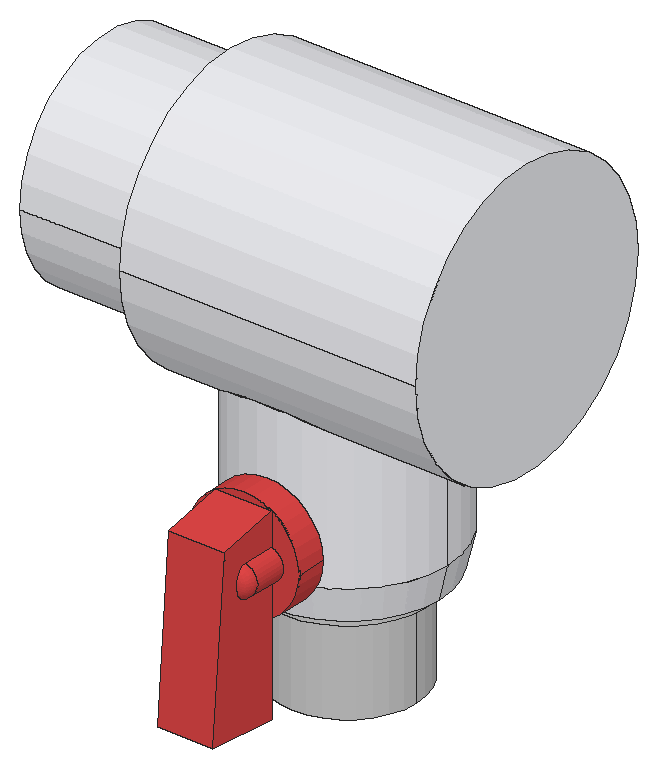
Revit family "PA_Тройник [фитинг полипропиленовый - тройник коллекторный с шаровым краном VTp.781.0]1 - VALTEC", category Арматура трубопроводов, Revit 2019
Family settings
  Размер круглого соединителя = Использовать диаметр
  Тип детали = Нормальный
  На основе рабочей плоскости = Нет
  Всегда вертикально = Да
  При загрузке вырезать с полостями = Нет
  Общий = Нет
Parameters (values of type "40 мм х 3/4"")
  Таблица = "PA_Тройник [фитинг полипропиленовый - тройник коллекторный с шаровым краном VTp.781.0] - VALTEC"  # constant formula
  Пользовательский [instance] = no
  Материал доп.2 = Красной - VALTEC
  Материал доп.1 = Сталь, нержавеющая - VALTEC
  Manufacturer = ""
  x1 [instance] = size_lookup(Таблица, "x1", 0 mm, d1, d2)  # 44.8 mm
  x3 [instance] = size_lookup(Таблица, "x3", 0 mm, d1, d2)  # 2.2 mm
  x2 [instance] = size_lookup(Таблица, "x2", 0 mm, d1, d2)  # 6 mm
  l3 [instance] = size_lookup(Таблица, "l3", 0 mm, d1, d2)  # 22 mm
  l2 [instance] = size_lookup(Таблица, "l2", 0 mm, d1, d2)  # 21 mm
  l1 [instance] = size_lookup(Таблица, "l1", 0 mm, d1, d2)  # 32.3 mm
  dn6 [instance] = size_lookup(Таблица, "dn6", 0 mm, d1, d2)  # 36.2 mm
  dn5 [instance] = size_lookup(Таблица, "dn5", 0 mm, d1, d2)  # 33.3 mm
  dn4 [instance] = size_lookup(Таблица, "dn4", 0 mm, d1, d2)  # 28.2 mm
  dn3 [instance] = size_lookup(Таблица, "dn3", 0 mm, d1, d2)  # 25 mm
  dn2 [instance] = size_lookup(Таблица, "dn2", 0 mm, d1, d2)  # 50 mm
  x4 [instance] = size_lookup(Таблица, "x4", 0 mm, d1, d2)  # 16 mm
  dn1 [instance] = size_lookup(Таблица, "dn1", 0 mm, d1, d2)  # 40 mm
  d2 = 20 mm
  d1 = 40 mm
  URL = "https://valtec.ru/"
  ADSK_Расход жидкости [instance] = 0.0 L/s
  ADSK_Примечание [instance] = ""
  ADSK_Потеря давления жидкости [instance] = 0.0 Pa
  ADSK_Позиция [instance] = ""
  ADSK_Обозначение [instance] = "VTp.781.0"  # constant formula
  ADSK_Наименование [instance] = size_lookup(Таблица, "", "Данный типоразмер отсутствует", d1, d2)  # "Фитинг полипропиленовый – тройник коллекторный полипропиленовый с шаровым краном, 40 мм х 3/4\""
  ADSK_Материал = Пластик белый - VALTEC
  ADSK_Масса [instance] = 0
  ADSK_Марка [instance] = size_lookup(Таблица, "Маркировка", "Данный типоразмер отсутствует", d1, d2)  # "40х3/4\""
  ADSK_Код изделия [instance] = size_lookup(Таблица, "Код продукта", "Данный типоразмер отсутствует", d1, d2)  # "VTp.781.0.04005"
  ADSK_Завод-изготовитель [instance] = "VALTEC"  # constant formula
  ADSK_Единица измерения [instance] = "шт."  # constant formula
  ADSK_URL страницы изделия = "https://valtec.ru/catalog/sistemy_polipropilenovyh_truboprovodov/armatura_dlya_polipropilenovyh_truboprovodov/trojnik_kollektornyj_polipropilenovyj_s_sharovym_kranom.html"
  ADSK_URL документации изделия = "https://valtec.ru/document/technical/VTp.781-0318.pdf"
Types (3, lengths in mm): name | dn3 | d2 | ADSK_Наименование | ADSK_Марка | ADSK_Код изделия
  (no name) | 25 | 20 | "Фитинг полипропиленовый – тройник коллекторный полипропиленовый с шаровым краном, 40 мм х 3/4\"" | "40х3/4\"" | "VTp.781.0.04005"
  40 мм х 1/2" | 20 | 15 | "Фитинг полипропиленовый – тройник коллекторный полипропиленовый с шаровым краном, 40 мм х 1/2\"" | "40х1/2\"" | "VTp.781.0.04004"
  40 мм х 3/4" | 25 | 20 | "Фитинг полипропиленовый – тройник коллекторный полипропиленовый с шаровым краном, 40 мм х 3/4\"" | "40х3/4\"" | "VTp.781.0.04005"
Reference planes
  plane 1 "По центру (Вперед/Назад)": y = 0
  plane 2: z = 0
  plane 3 "По центру (Влево/Вправо)": x = 0
  plane 4: x = 32.3
  plane 5: y = 13.4
  plane 6: z = -53
  plane 7: z = -50.8
  plane 8: z = -44.8
  plane 9: x = -21
  plane 10: x = -43
  plane 11: z = -69
  plane 12: y = -23.322
  plane 13: x = -5
  plane 14: x = 5
  plane 15: y = -18.1
  plane 16: y = -23.322
  plane 17: z = -39
  plane 18: z = -36.004
  plane 19: z = -36.004
Forms (mm)
  Extrusion 1, solid, material "Пластик белый - VALTEC" <- "ADSK_Материал", detail levels medium+fine
    sketch origin (0, 0, 0) x (1, 0, 0) y (0, 1, 0)
      loop
        circle (0, 0) r 18.1
    from -44.8 to 0
  Extrusion 2, solid, material "Сталь, нержавеющая - VALTEC" <- "Материал доп.1", detail levels medium+fine
    sketch origin (0, 0, 0) x (1, 0, 0) y (0, 1, 0)
      loop
        circle (0, 0) r 14.1
    from -53 to -50.8
  Extrusion 3, solid, material "Сталь, нержавеющая - VALTEC" <- "Материал доп.1", detail levels medium+fine
    sketch origin (0, 0, 0) x (1, 0, 0) y (0, 1, 0)
      loop
        circle (0, 0) r 12.5
    from -69 to -53
  Blend 4, solid, material "Пластик белый - VALTEC" <- "ADSK_Материал", detail levels medium+fine
    base sketch origin (0, 0, 0) x (1, 0, 0) y (0, 1, 0)
      loop
        circle (0, 0) r 16.65
    top sketch origin (0, 0, 0) x (1, 0, 0) y (0, 1, 0)
      loop
        circle (0, 0) r 18.1
    from -50.8 to -44.8
  Extrusion 5, solid, material "Красной - VALTEC" <- "Материал доп.2", detail levels medium+fine
    sketch origin (32.3, 2000, 1200) x (0, 1, 0) y (0, 0, -1)
      loop
        line (-2033.867, 1232.445) -> (-2023.322, 1230.395) -> (-2023.322, 1264.019) -> (-2036.528, 1262.864) -> (-2033.867, 1232.445)
    from 27.3 to 37.3
  Extrusion 6, solid, material "Красной - VALTEC" <- "Материал доп.2", detail levels medium+fine
    sketch origin (0, 0, 0) x (1, 0, 0) y (0, 0, 1)
      loop
        circle (0, -39) r 10
    from 18.1 to 23.322
  Revolve 7, solid, material "Красной - VALTEC" <- "Материал доп.2", detail levels medium+fine
    sketch origin (-4.055, 2000, 1200) x (0, 1, 0) y (0, 0, 1)
      loop
        line (-2023.322, -1239) -> (-2023.322, -1236.004) -> (-2029.092, -1236.004)
        arc (-2029.092, -1236.004) -> (-2030.647, -1236.649) -> (-2031.292, -1238.204) r 2.2
        line (-2031.292, -1238.204) -> (-2031.292, -1239) -> (-2023.322, -1239)
      axis (-2031.292, -1239) -> (-2023.322, -1239)
    angle from 0 to 360
  Revolve 8, solid, material "Красной - VALTEC" <- "Материал доп.2", detail levels medium+fine
    sketch origin (4.055, 2000, 1200) x (0, 1, 0) y (0, 0, 1)
      loop
        line (-2023.322, -1239) -> (-2023.322, -1236.004) -> (-2029.092, -1236.004)
        arc (-2029.092, -1236.004) -> (-2030.647, -1236.649) -> (-2031.292, -1238.204) r 2.2
        line (-2031.292, -1238.204) -> (-2031.292, -1239) -> (-2023.322, -1239)
      axis (-2031.292, -1239) -> (-2023.322, -1239)
    angle from 0 to 360
  Extrusion 9, solid, material "Пластик белый - VALTEC" <- "ADSK_Материал", detail levels medium+fine
    sketch origin (32.3, 2000, 1200) x (0, 1, 0) y (0, 0, -1)
      loop
        circle (-2000, 1200) r 20
    from 53.3 to 75.3
  Extrusion 10, solid, material "Пластик белый - VALTEC" <- "ADSK_Материал", detail levels medium+fine
    sketch origin (32.3, 2000, 1200) x (0, 1, 0) y (0, 0, -1)
      loop
        circle (-2000, 1200) r 25
    from 0 to 53.3
Cuts and joins
  joined: Extrusion 2, Extrusion 3
  joined: Extrusion 1, Blend 4, Extrusion 9, Extrusion 10
  joined: Extrusion 5, Extrusion 6, Revolve 7, Revolve 8
Lines and regions (mm)
  model lines, detail levels coarse
    curve 1: line (-43, 0, 0) -> (32.3, 0, 0)
    curve 2: line (0, 0, 0) -> (0, 0, -69)
  reference lines
    curve 3: line (-21, 0, 0) -> (32.3, 0, 0)
    curve 4: line (0, 0, 0) -> (0, 0, -53)
Dimensions and locks
  plane 4 to plane 3 "По центру (Влево/Вправо)" = 32.3 mm
  "l3": plane 10 to plane 9
  "l2": plane 9 to plane 3 "По центру (Влево/Вправо)"
  "l1": plane 3 "По центру (Влево/Вправо)" to plane 4
  "x1": plane 2 to plane 8
  "x2": plane 8 to plane 7
  "x3": plane 7 to plane 6
  "x4": plane 6 to plane 11
  locked: plane 1 "По центру (Вперед/Назад)" to plane 12 at 23.322
  "dn6": diameter of Extrusion 1 sketch curve
  "dn4": diameter of Extrusion 2 sketch curve
  "dn3": diameter of Extrusion 3 sketch curve
  "dn5": diameter of Blend 4 sketch curve
  "dn6": diameter of Blend 4 sketch curve
  "dn1": diameter of Extrusion 9 sketch curve
  "dn2": diameter of Extrusion 10 sketch curve
  aligned and locked: level to plane 2
  aligned and locked: plane 1 "По центру (Вперед/Назад)" to Extrusion 1 sketch curve
  aligned and locked: plane 3 "По центру (Влево/Вправо)" to Extrusion 1 sketch curve
  aligned and locked: plane 3 "По центру (Влево/Вправо)" to Extrusion 2 sketch curve
  aligned and locked: plane 1 "По центру (Вперед/Назад)" to Extrusion 2 sketch curve
  aligned and locked: plane 1 "По центру (Вперед/Назад)" to Extrusion 3 sketch curve
  aligned and locked: plane 3 "По центру (Влево/Вправо)" to Extrusion 3 sketch curve
  aligned and locked: plane 1 "По центру (Вперед/Назад)" to Blend 4 sketch curve  (x2)
  aligned and locked: plane 3 "По центру (Влево/Вправо)" to Blend 4 sketch curve  (x2)
  aligned and locked: Extrusion 3 to plane 6
  aligned and locked: plane 11 to Extrusion 3
  aligned and locked: Extrusion 2 to plane 7
  aligned and locked: plane 6 to Extrusion 2
  aligned and locked: Blend 4 to plane 8
  aligned and locked: plane 7 to Blend 4
  aligned and locked: plane 8 to Extrusion 1
  aligned and locked: plane 2 to Extrusion 1
  aligned and locked: Extrusion 5 sketch curve to plane 12
  aligned and locked: Extrusion 5 to plane 14
  aligned and locked: plane 13 to Extrusion 5
  aligned and locked: plane 16 to Extrusion 6
  aligned and locked: plane 15 to Extrusion 6
  aligned and locked: plane 18 to Revolve 7 sketch curve
  aligned and locked: plane 19 to Revolve 8 sketch curve
  aligned and locked: plane 2 to Extrusion 9 sketch curve
  aligned and locked: plane 1 "По центру (Вперед/Назад)" to Extrusion 9 sketch curve
  aligned and locked: plane 1 "По центру (Вперед/Назад)" to Extrusion 10 sketch curve
  aligned and locked: plane 2 to Extrusion 10 sketch curve
  aligned and locked: plane 9 to Extrusion 10
  aligned and locked: Extrusion 10 to plane 4
  aligned and locked: Extrusion 9 to plane 9
  aligned and locked: plane 10 to Extrusion 9
  aligned and locked: plane 11 to curve 2
  aligned and locked: plane 2 to curve 2
  aligned and locked: plane 4 to curve 1
  aligned and locked: plane 10 to curve 1
  aligned and locked: curve 1 to plane 2
  aligned and locked: curve 2 to plane 3 "По центру (Влево/Вправо)"
  aligned and locked: plane 6 to curve 4
  aligned and locked: plane 2 to curve 4
  aligned and locked: curve 4 to plane 3 "По центру (Влево/Вправо)"
  aligned and locked: plane 4 to curve 3
  aligned and locked: plane 9 to curve 3
  aligned and locked: curve 3 to plane 2
Automatic sketch dimensions
  Extrusion 5 sketch curve to plane 12 = 10.545 mm
  plane 11 to Extrusion 5 sketch curve = 6.136 mm
  Extrusion 5 sketch curve to plane 12 = 13.206 mm
  Extrusion 5 sketch curve to Extrusion 5 sketch curve = 1.155 mm
  plane 17 to Extrusion 5 sketch curve = 8.605 mm
  Extrusion 6 sketch curve to plane 3 "По центру (Влево/Вправо)" = 0 mm
  Extrusion 6 sketch curve to plane 17 = 0 mm
  plane 17 to Revolve 7 sketch curve = 0 mm  (x2)
  Revolve 7 sketch curve to plane 16 = 0 mm
  plane 17 to Revolve 7 sketch curve = 0.796 mm
  plane 16 to Revolve 7 sketch curve = 5.77 mm
  Revolve 7 sketch curve to Revolve 7 sketch curve = 2700.141 mm
  Revolve 7 sketch curve to plane 5 = 1619.711 mm
  plane 17 to Revolve 8 sketch curve = 0 mm  (x2)
  Revolve 8 sketch curve to plane 16 = 0 mm
  plane 17 to Revolve 8 sketch curve = 0.796 mm
  plane 16 to Revolve 8 sketch curve = 5.77 mm
  Revolve 8 sketch curve to Revolve 8 sketch curve = 2700.141 mm
  Revolve 8 sketch curve to plane 5 = 1619.711 mm
  radius of Extrusion 6 sketch curve = 10 mm
Connectors
  piping at (-21, 0, 0), diameter 40, driven by "d1", driven by "ADSK_Расход жидкости", driven by "ADSK_Потеря давления жидкости"
    settings: on curve 3, index 1, connector inside diameter 609.6 mm, connector length 0 mm, flow factor 0, pipe flow 0.0 L/s, pressure drop 0.0 Pa, fitting loss kfactor 0, connector angle 0.00°, fixture units 0, engagement length 0 mm, angle of deflection 0.00°, flow configuration 0, flow direction 0, fitting loss method 4, system type 29, joint type 0, gender type 0, connector reference index 2, connector utility 0, adjustable connector no, is connector primary yes, connector description ""
  piping at (32.3, 0, 0), diameter 40, driven by "d1", driven by "ADSK_Расход жидкости"
    settings: on curve 3, index 2, connector inside diameter 609.6 mm, connector length 0 mm, flow factor 0, pipe flow 0.0 L/s, pressure drop 0.0 Pa, fitting loss kfactor 0, connector angle 0.00°, fixture units 0, engagement length 0 mm, angle of deflection 0.00°, flow configuration 0, flow direction 0, fitting loss method 0, system type 29, joint type 0, gender type 0, connector reference index 1, connector utility 0, adjustable connector no, is connector primary no, connector description ""
  piping at (0, 0, -53), diameter 20, driven by "d2", driven by "ADSK_Расход жидкости"
    settings: on curve 4, index 3, connector inside diameter 609.6 mm, connector length 0 mm, flow factor 0, pipe flow 0.0 L/s, pressure drop 0.0 Pa, fitting loss kfactor 0, connector angle 0.00°, fixture units 0, engagement length 0 mm, angle of deflection 0.00°, flow configuration 0, flow direction 0, fitting loss method 0, system type 29, joint type 0, gender type 0, connector reference index -1, connector utility 0, adjustable connector no, is connector primary no, connector description ""
